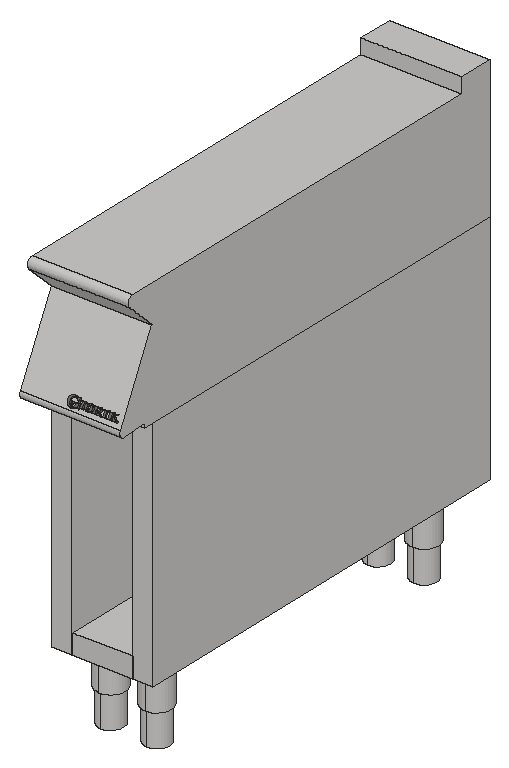
Revit family "QF_GIORIK_EN910G", category Specialty Equipment, Revit 2014
Parameters (values of type "EN910G")
  Weight in Pounds = 132.2772
  URL Cutsheet = "www.giorik.com"
  URL = "www.giorik.com"
  Status [instance] = ""
  Specification by User [instance] = ""
  Specification by Manufacturer = ""
  Show Logo [instance] = yes
  Show Clearance [instance] = yes
  Serial Number = ""
  Seismic Rating = ""
  SMACNA No = ""
  Revision Code [instance] = ""
  NAFEM Spec ID Number = ""
  Model = "EN910G"
  Masterspec = ""
  Manufacturer = "GIORIK"
  Item Number [instance] = ""
  Installed By [instance] = ""
  Identify Quantity as Lot [instance] = no
  Furnished By [instance] = ""
  Foodservice Equipment Identifier [instance] = yes
  Description = "NEUTRAL UNIT ON OPEN BASE UNIT"
  CSI MasterFormat = ""
  Assembly Code = "E1090320"
Reference planes
  plane 1 "Back": y = 0
  plane 2: z = 0
  plane 3 "Left": x = 0
  plane 4 "Right": x = 200
  plane 5 "Front": y = -920
  plane 6 "Top": z = 900
Forms (mm)
  Extrusion 1, solid, visible <- "Show Logo"
    sketch origin (-3.396, -936.761, 609.486) x (-1, 0, 0) y (0, 0.452718, 0.891654)
      loop
        line (-118.824, 58.358) -> (-127.804, 58.358) -> (-125.523, 56.445) -> (-125.523, 48.027) -> (-127.804, 46.113) -> (-118.824, 46.113) -> (-121.105, 48.027) -> (-121.105, 56.445) -> (-118.824, 58.358)
      loop
        line (-163.721, 58.358) -> (-172.7, 58.358) -> (-170.42, 56.445) -> (-170.42, 48.027) -> (-172.7, 46.113) -> (-163.721, 46.113) -> (-166.001, 48.027) -> (-166.001, 56.445) -> (-163.721, 58.358)
      loop
        line (-174.332, 58.358) -> (-183.312, 58.358) -> (-181.031, 56.445) -> (-181.031, 52.435) -> (-186.419, 56.955) -> (-184.416, 58.358) -> (-191.268, 58.358) -> (-188.01, 56.839) -> (-185.455, 54.283) -> (-190.846, 47.858) -> (-193.396, 46.93) -> (-193.396, 46.113) -> (-184.416, 46.113) -> (-185.437, 47.571) -> (-182.443, 51.552) -> (-181.031, 50.894) -> (-181.031, 48.027) -> (-183.312, 46.113) -> (-174.332, 46.113) -> (-176.613, 48.027) -> (-176.613, 56.445) -> (-174.332, 58.358)
      loop
        line (-115.429, 62.063) -> (-115.429, 54.198)
        arc (-115.429, 54.198) -> (-111.618, 57.803) -> (-106.847, 59.986) r 16.039
        arc (-106.847, 59.986) -> (-103.314, 59.837) -> (-100.512, 57.68) r 5.851
        arc (-100.512, 57.68) -> (-98.815, 52.267) -> (-100.512, 46.853) r 9.479
        arc (-100.512, 46.853) -> (-102.406, 44.986) -> (-104.846, 43.93) r 7.236
        arc (-104.846, 43.93) -> (-107.728, 44.111) -> (-110.052, 45.825) r 5.11
        line (-110.052, 45.825) -> (-110.052, 52.001) -> (-116.141, 52.001) -> (-116.141, 45.503) -> (-117.893, 43.751) -> (-114.094, 44.769)
        arc (-114.094, 44.769) -> (-112.56, 44.947) -> (-111.129, 44.366) r 3.115
        arc (-111.129, 44.366) -> (-104.216, 42.091) -> (-97.303, 44.366) r 11.641
        arc (-97.303, 44.366) -> (-93.396, 52.107) -> (-97.303, 59.849) r 9.622
        arc (-97.303, 59.849) -> (-104.369, 62.174) -> (-111.435, 59.849) r 11.898
        line (-111.435, 59.849) -> (-115.429, 62.063)
      loop
        arc (-129.234, 56.068) -> (-135.893, 58.628) -> (-142.552, 56.068) r 9.941
        arc (-142.552, 56.068) -> (-144.234, 52.286) -> (-142.552, 48.505) r 5.093
        arc (-142.552, 48.505) -> (-135.893, 45.945) -> (-129.234, 48.505) r 9.941
        arc (-129.234, 48.505) -> (-127.552, 52.286) -> (-129.234, 56.068) r 5.093
      loop
        arc (-132.628, 54.403) -> (-135.893, 57.668) -> (-139.158, 54.403) r 3.265
        line (-139.158, 54.403) -> (-139.158, 50.169)
        arc (-139.158, 50.169) -> (-135.893, 46.904) -> (-132.628, 50.169) r 3.265
        line (-132.628, 50.169) -> (-132.628, 54.403)
      loop
        arc (-156.363, 58.365) -> (-159.647, 55.081) -> (-156.363, 51.796) r 3.285
        line (-156.363, 51.796) -> (-159.529, 47.306) -> (-162.087, 46.113) -> (-155.847, 46.113) -> (-153.529, 51.083) -> (-150.637, 51.083) -> (-150.637, 47.784) -> (-153.022, 46.113) -> (-144.011, 46.113) -> (-146.094, 47.68) -> (-146.094, 56.493) -> (-144.229, 58.365) -> (-156.363, 58.365)
      loop
        line (-150.637, 57.512) -> (-153.637, 57.512)
        arc (-153.637, 57.512) -> (-156.237, 54.912) -> (-153.637, 52.312) r 2.6
        line (-153.637, 52.312) -> (-150.637, 52.312) -> (-150.637, 57.512)
      loop
        line (-108.924, 52.001) -> (-104.936, 49.005) -> (-100.948, 52.001) -> (-108.924, 52.001)
    from 1.5 to -0.5
  Extrusion 2, solid
    sketch origin (-16, 1025.81, 0) x (1, 0, 0) y (0, 1, 0)
      loop
        line (25, -1086.81) -> (25, -1156.81) -> (115, -1156.81) -> (115, -1086.81) -> (25, -1086.81)
    from 148 to 150
  Extrusion 3, solid
    sketch origin (0, -200, 0) x (1, 0, 0) y (0, 1, 0)
      loop
        line (40, 160) -> (40, -640) -> (160, -640) -> (160, 160) -> (40, 160)
    from 150 to 190
  Extrusion 4, solid
    sketch origin (216, 1025.81, 0) x (-1, 0, 0) y (0, -1, 0)
      loop
        line (25, 1086.81) -> (115, 1086.81) -> (115, 1156.81) -> (25, 1156.81) -> (25, 1086.81)
    from 148 to 150
  Extrusion 5, solid
    sketch origin (0, 800, -20) x (0, 1, 0) y (0, 0, 1)
      loop
        line (-800, 919.988) -> (-870, 919.988) -> (-870, 889.988) -> (-1688.806, 889.988)
        arc (-1688.806, 889.988) -> (-1699.151, 883.075) -> (-1696.724, 870.873) r 11.197
        line (-1696.724, 870.873) -> (-1640.876, 815.025) -> (-1718.948, 661.258)
        arc (-1718.948, 661.258) -> (-1718.233, 650.105) -> (-1708.118, 645.354) r 10.981
        line (-1708.118, 645.354) -> (-1660, 649.925) -> (-1660, 640) -> (-800, 640) -> (-800, 919.988)
    from 0 to 200
  Extrusion 6, solid
    sketch origin (0, -200, 599.536) x (1, 0, 0) y (0, 1, 0)
      loop
        line (0, -640) -> (40, -640) -> (40, 160) -> (160, 160) -> (160, -640) -> (200, -640) -> (200, 200) -> (0, 200) -> (0, -640)
    from -449.536 to 20.464
  Extrusion 7, solid
    sketch origin (0, -200, 0) x (1, 0, 0) y (0, 1, 0)
      loop
        line (40, 160) -> (40, -640) -> (160, -640) -> (160, 160) -> (40, 160)
    from 150 to 190
  Extrusion 8, solid
    sketch origin (-16, 360.81, 0) x (1, 0, 0) y (0, 1, 0)
      loop
        line (25, -1086.81) -> (25, -1156.81) -> (115, -1156.81) -> (115, -1086.81) -> (25, -1086.81)
    from 148 to 150
  Revolve 9, solid
    sketch origin (54, 360.81, 0) x (0, 1, 0) y (0, 0, 1)
      loop
        line (-1092.56, 66) -> (-1092.56, 148) -> (-1121.81, 148) -> (-1121.81, 0) -> (-1096.81, 0) -> (-1096.81, 66) -> (-1092.56, 66)
      axis (-1121.81, 0) -> (-1121.81, 148)
    angle from 0 to 360
  Extrusion 10, solid
    sketch origin (216, 360.81, 0) x (-1, 0, 0) y (0, -1, 0)
      loop
        line (25, 1086.81) -> (115, 1086.81) -> (115, 1156.81) -> (25, 1156.81) -> (25, 1086.81)
    from 148 to 150
  Revolve 11, solid
    sketch origin (146, 360.81, 0) x (0, 1, 0) y (0, 0, 1)
      loop
        line (-1092.56, 66) -> (-1092.56, 148) -> (-1121.81, 148) -> (-1121.81, 0) -> (-1096.81, 0) -> (-1096.81, 66) -> (-1092.56, 66)
      axis (-1121.81, 0) -> (-1121.81, 148)
    angle from 0 to 360
  Revolve 12, solid
    sketch origin (146, 1025.81, 0) x (0, 1, 0) y (0, 0, 1)
      loop
        line (-1092.56, 66) -> (-1092.56, 148) -> (-1121.81, 148) -> (-1121.81, 0) -> (-1096.81, 0) -> (-1096.81, 66) -> (-1092.56, 66)
      axis (-1121.81, 0) -> (-1121.81, 148)
    angle from 0 to 360
  Revolve 13, solid
    sketch origin (54, 1025.81, 0) x (0, 1, 0) y (0, 0, 1)
      loop
        line (-1092.56, 66) -> (-1092.56, 148) -> (-1121.81, 148) -> (-1121.81, 0) -> (-1096.81, 0) -> (-1096.81, 66) -> (-1092.56, 66)
      axis (-1121.81, 0) -> (-1121.81, 148)
    angle from 0 to 360
Lines and regions (mm)
  symbolic lines, style "200-EquipBorder-2D"
    curve 1: line (0, -920, 0) -> (200, -920, 0)
    curve 2: line (200, -920, 0) -> (200, 0, 0)
    curve 3: line (200, 0, 0) -> (0, 0, 0)
    curve 4: line (0, 0, 0) -> (0, -920, 0)
  symbolic lines, style "200-EquipInternal-2D"
    curve 5: line (0, -70, 900) -> (200, -70, 900)
Dimensions and locks
  plane 3 "Left" to plane 4 "Right" = 200 mm
  plane 5 "Front" to plane 1 "Back" = 920 mm
  plane 4 "Right" to plane 3 "Left" = 200 mm
  plane 1 "Back" to plane 5 "Front" = 920 mm
  plane 6 "Top" to level = 900 mm  (x2)
  aligned and locked: level to plane 2
